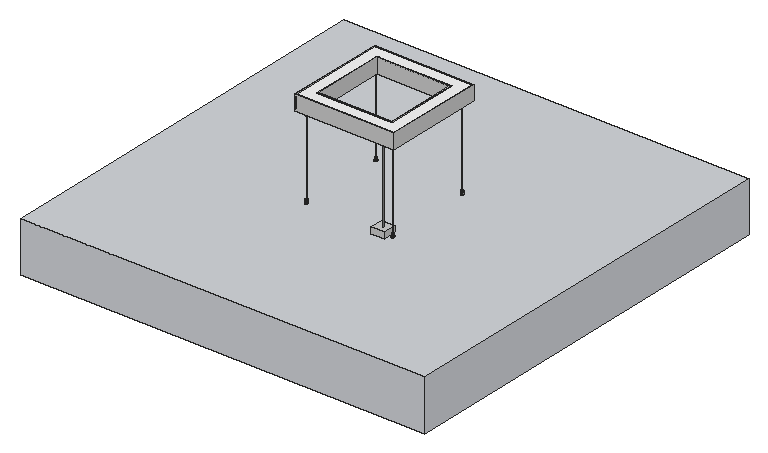
Revit family "en-halla-alumo-suspendedrfa", category Осветительные приборы, Revit 2017
Family settings
  Основа = Грань
  Размер круглого соединителя = Использовать диаметр
  Тип детали = Нормальный
  Номер OmniClass = 23.80.70.11.11
  Заголовок OmniClass = General Luminaries, Non Directional
  При загрузке вырезать с полостями = Нет
  Источник света = Нет
  Общий = Нет
  Точка расчета площади = Нет
Parameters
  Profile width = 79 mm  # constant formula
  Light surface width = Profile width - 8 mm  # 71 mm
  Shape thickness = 7 mm  # constant formula
  Полная установленная мощность = Power input  # 84 VA
  Youtube clip = ""
  Weight Net (Kg) = "0"
  Изготовитель = "HALLA"  # constant formula
  Default Elevation = 0 mm
  Voltage = ""
  Uniclass 2.0 Description = "Luminaires And Lamps"
  Uniclass 2.0 Code = "PR-49"
  Uniclass 1.4 Description = "Luminaires and lamps"
  Uniclass 1.4 Code = "JY73"
  URL = "www.halla.cz"
  UNSPSC Code = "3911"
  Technical description = ""
  Switched on [instance] = yes
  Switched off [instance] = not(Switched on)  # no
  Suspension height [instance] = 500 mm
  Source used = ""
  Source type = ""
  Shape of luminaire = ""
  Region South America = "All"
  Region Oceania = "All"
  Region North America = "All"
  Region Middle East = "All"
  Region Europe = "All"
  Region Asia = "All"
  Region Antarctica = "All"
  Region Africa = "All"
  Real suspension height [instance] = if(Suspension height > 2000 mm, 2000 mm, if(Suspension height < 36 mm, 36 mm, Suspension height))  # 500 mm
  QR code = "http://file-system.ru/catalog/zdaniya_i_sooruzheniya/interer/osveshchenie/halla_alumo_svetilnik/"
  Accessory [instance] = ALUMO accessory - wire suspension 2000mm, set of 4 pcs : 13-0001, B - black
  Protection class = ""
  Product group = "ALUMO"
  Product family = "Indoor Luminaires"
  Product data url = ""
  Product code = ""
  Product certification = ""
  Product URL = ""
  Product SKU = "alumo"
  Price (EUR) = 0
  Power input = 84 W
  Description = ""
  Optics type = ""
  Suspension distance X = Lighting width - Profile width  # 521 mm
  Suspension distance Y = Lighting length - Profile width  # 521 mm
  Number of sources = 4
  Nominal width = "0.00"
  Nominal height = "90.00"
  NBS Reference Description = "Luminaires And Lamps"
  NBS Reference Code = "49"
  Material secondary = ""
  Material of luminaire = "Hliník"
  Material main = "Aluminium"
  Manufacturer name = "HALLA"
  Manufacturer country = "Czech Republic"
  Lighting width = 600 mm
  Lighting source distance [instance] = Real suspension height + Lighting height + 0.1 mm  # 590.1 mm
  Lighting length = 600 mm
  Lighting height = 90 mm
  Lighting dimensions = ""
  LED source = yes
  Installation instructions = ""
  Installation instruction = ""
  Initial intensity = ""
  Initial colour = ""
  IP Code = ""
  IFC Classification = "Light Fixture"
  Frequency = ""
  Energy class = ""
  Electric potential = 230 V  # constant formula
  Код по классификатору = "D5020200"
  Edition number = "1"
  EAN code = ""
  EAN = ""
  Lighting surface length = Lighting length - 8 mm  # 592 mm
  Distribution = ""
  Designer = ""
  Design country = "Czech Republic"
  Depth = "0.00"
  Date of publishing = "2014-12-13"
  Data sheet = ""
  Control gear option = ""
  Colour of luminaire = Aluminium - silver
  COBIe Type Category = ""
Reference planes
  plane 1 "Střed (vpředu/vzadu)": y = 0
  plane 2: z = 0
  plane 3 "Střed (vlevo/vpravo)": x = 0
  plane 4 "BP_Světlo spodní": z = 500
  plane 5 "BP_Světlo horní": z = 590
  plane 6 "Levá": x = -300
  plane 7 "Pravá": x = 300
  plane 8 "BP_Zdroj světla": z = 545
  plane 9 "Zadní": y = 300
  plane 10 "Přední": y = -300
  plane 11: x = -221
  plane 12: y = -221
  plane 13: x = 221
  plane 14: y = 221
Forms (mm)
  Extrusion 1, solid
    sketch origin (0, 0, 0) x (1, 0, 0) y (0, 1, 0)
      loop
        line (-1219.2, 1219.2) -> (-1219.2, -1219.2) -> (1219.2, -1219.2) -> (1219.2, 1219.2) -> (-1219.2, 1219.2)
    from 0 to -304.8
  Sweep 2, solid, material "Aluminium - silver" <- "Colour of luminaire"
    path origin (0, 0, 500) x (-1, 0, 0) y (0, -1, 0)
      loop
        line (300, -300) -> (300, 300) -> (-300, 300) -> (-300, -300) -> (300, -300)
    profile origin (-300, 0, 500) x (1, 0, 0) y (0, 0, 1)
      loop
        line (0, 0) -> (79, 0) -> (79, 90) -> (75, 90) -> (75, 10) -> (4, 10) -> (4, 90) -> (0, 90) -> (0, 0)
  Sweep 3, solid, material "Diffuser - light switched on", visible <- "Switched off"
    path in 3D
      loop
        line (296, 296, 590) -> (-296, 296, 590) -> (-296, -296, 590) -> (296, -296, 590) -> (296, 296, 590)
    profile origin (296, 0, 590) x (-1, 0, 0) y (0, 0, 1)
      loop
        line (0, 0) -> (0, -4) -> (71, -4) -> (71, 0) -> (0, 0)
  Sweep 4, solid, material "Diffuser - light switched off", visible <- "Switched on"
    path in 3D
      loop
        line (300, 300, 590) -> (-300, 300, 590) -> (-300, -300, 590) -> (300, -300, 590) -> (300, 300, 590)
    profile origin (300, 0, 590) x (-1, 0, 0) y (0, 0, 1)
      loop
        line (4, 0) -> (4, -4) -> (75, -4) -> (75, 0) -> (4, 0)
Lines and regions (mm)
  sketch lines
    curve 1: line (296, -296, 590) -> (296, 296, 590)
    curve 2: line (-296, -296, 590) -> (296, -296, 590)
    curve 3: line (296, 296, 590) -> (-296, 296, 590)
    curve 4: line (-296, 296, 590) -> (-296, -296, 590)
    curve 5: line (300, -300, 590) -> (300, 300, 590)
    curve 6: line (-300, -300, 590) -> (300, -300, 590)
    curve 7: line (300, 300, 590) -> (-300, 300, 590)
    curve 8: line (-300, 300, 590) -> (-300, -300, 590)
Dimensions and locks
  equal spacing: plane 6 "Levá", plane 3 "Střed (vlevo/vpravo)", plane 7 "Pravá"
  "Lighting length": plane 6 "Levá" to plane 7 "Pravá"
  "Lighting width": plane 9 "Zadní" to plane 10 "Přední"
  equal spacing: plane 9 "Zadní", plane 1 "Střed (vpředu/vzadu)", plane 10 "Přední"
  equal spacing: plane 5 "BP_Světlo horní", plane 8 "BP_Zdroj světla", plane 4 "BP_Světlo spodní"
  "Real suspension height": plane 4 "BP_Světlo spodní" to Extrusion 1
  "Lighting height": plane 5 "BP_Světlo horní" to plane 4 "BP_Světlo spodní"
  "Profile width": plane 9 "Zadní" to plane 14
  "Profile width": plane 12 to plane 10 "Přední"
  "Profile width": plane 6 "Levá" to plane 11
  "Profile width": plane 13 to plane 7 "Pravá"
  equal spacing: plane 6 "Levá", nested 3, plane 11, locked at 39.5 each
  equal spacing: plane 13, nested 5, plane 7 "Pravá", locked at 39.5 each
  equal spacing: plane 9 "Zadní", nested 1, plane 14, locked at 39.5 each
  equal spacing: plane 12, nested 2, plane 10 "Přední", locked at 39.5 each
  locked: plane 5 "BP_Světlo horní" to Sweep 4 sketch curve at 4
  aligned and locked: plane 2 to Extrusion 1
  aligned and locked: level to Extrusion 1
  aligned and locked: curve 5 to plane 7 "Pravá"
  aligned and locked: plane 9 "Zadní" to curve 7
  aligned and locked: curve 8 to plane 6 "Levá"
  aligned and locked: curve 6 to plane 10 "Přední"
  aligned and locked: plane 1 "Střed (vpředu/vzadu)" to nested 3
  aligned and locked: plane 1 "Střed (vpředu/vzadu)" to nested 5
  aligned and locked: nested 1 to plane 3 "Střed (vlevo/vpravo)"
  aligned and locked: nested 2 to plane 3 "Střed (vlevo/vpravo)"
  aligned and locked: plane 5 "BP_Světlo horní" to Sweep 4 sketch curve
Automatic sketch dimensions
  Extrusion 1 sketch curve to Extrusion 1 sketch curve = 2438.4 mm  (x2)
  Sweep 2 sketch curve to plane 7 "Pravá" = 0 mm
  Sweep 2 sketch curve to plane 6 "Levá" = 0 mm
  Sweep 2 sketch curve to plane 9 "Zadní" = 0 mm
  Sweep 2 sketch curve to plane 10 "Přední" = 0 mm
  profile plane to Sweep 2 sketch curve = 0 mm
  Sweep 2 sketch curve to plane 4 "BP_Světlo spodní" = 0 mm
  Sweep 2 sketch curve to Sweep 2 sketch curve = 4 mm  (x2)
  Sweep 2 sketch curve to Sweep 2 sketch curve = 71 mm
  Sweep 2 sketch curve to Sweep 2 sketch curve = 90 mm
  Sweep 2 sketch curve to Sweep 2 sketch curve = 0 mm
  plane 4 "BP_Světlo spodní" to Sweep 2 sketch curve = 10 mm
  Sweep 3 sketch curve to profile plane = 0 mm  (x2)
  Sweep 3 sketch curve to profile plane = 4 mm
  Sweep 3 sketch curve to profile plane = 71 mm
  Sweep 4 sketch curve to profile plane = 4 mm
  Sweep 4 sketch curve to Sweep 4 sketch curve = 71 mm
Nested families
  nested 1: "ALUMO - source" at (0, 260.5, 590.1) x (0, -1, 0) z (0, 0, 1), built-in parameter 1001364 <- "Lighting source distance", type "ALUMO - source"
  nested 2: "ALUMO - source" at (0, -260.5, 590.1) x (0, -1, 0) z (0, 0, 1), built-in parameter 1001364 <- "Lighting source distance", type "ALUMO - source"
  nested 3: "ALUMO - source" at (-260.5, 0, 590.1), built-in parameter 1001364 <- "Lighting source distance", type "ALUMO - source"
  nested 4: "ALUMO accessory - wire suspension 2000mm, set of 4 pcs" at (-260.5, 260.5, 0), Odsazení zavěšení od osy Y <- "Suspension distance Y", Odsazení zavěšení od osy X <- "Suspension distance X", Délka zavěšení <- "Real suspension height", type "13-0001, S - silver", detail levels fine
    with Odsazení zavěšení od osy Y 521 mm, Odsazení zavěšení od osy X 521 mm, Délka zavěšení 500 mm
  nested 5: "ALUMO - source" at (260.5, 0, 590.1), built-in parameter 1001364 <- "Lighting source distance", type "ALUMO - source"
Connectors
  electrical at (0, 0, 0), driven by "Полная установленная мощность", driven by "Electric potential", driven by "Полная установленная мощность"
    settings: index 1, voltage 230 V, apparent load 84 VA, apparent load phase1 84 VA, apparent load phase2 0 VA, apparent load phase3 0 VA, power factor 1, load classification "Osvětlení", number of poles 1, system type 30, power factor state 0, is connector primary yes, connector utility no, sub classification motor no, connector description ""
Definition of nested family "ALUMO accessory - wire suspension 2000mm, set of 4 pcs"
  Parameters
    Manufacturer = "HALLA"  # constant formula
    Default Elevation = 0 mm
    URL = "http.//www.halla.cz"
    Description = ""
    Odsazení zavěšení od osy Y [instance] = 600 mm
    Odsazení zavěšení od osy X [instance] = 600 mm
    Model = ""
    Assembly Code = "D5020200"
    Keynote = ""
    Délka zavěšení [instance] = 600 mm
    Barva svítidla = none
  Reference planes
    plane 1 "Střed (vpředu/vzadu)": y = 0
    plane 2: z = 0
    plane 3 "Střed (vlevo/vpravo)": x = 0
    plane 4: z = 600
    plane 5: x = 300
    plane 6: y = -300
    plane 7: x = 600
    plane 8: y = -600
    plane 9: x = 540
  Forms (mm)
    Extrusion 1, solid
      sketch origin (100, 0, 0) x (1, 0, 0) y (0, 1, 0)
        loop
          circle (-100, 0) r 0.991
      from 0 to 600 <- "Délka zavěšení"
    Revolve 2, solid, material <- "Barva svítidla"
      sketch origin (-300, 0, 0) x (1, 0, 0) y (0, 0, 1)
        loop
          line (300, 568.8) -> (300, 600) -> (295.494, 600) -> (295.494, 575.5) -> (298, 575.5) -> (298, 568.8) -> (300, 568.8)
        axis (300, 600) -> (300, 568.8)
      angle from 0 to 360
    Revolve 3, solid, material <- "Barva svítidla"
      sketch origin (100, 0, 0) x (1, 0, 0) y (0, 0, 1)
        loop
          line (-100, 0) -> (-100, 19.35) -> (-105.985, 19.35) -> (-105.985, 1.35) -> (-107.922, 1.35) -> (-107.922, 0) -> (-100, 0)
        axis (-100, 19.35) -> (-100, 0)
      angle from 0 to 360
    Extrusion 4, solid
      sketch origin (700, 0, 0) x (1, 0, 0) y (0, 1, 0)
        loop
          circle (-100, 0) r 0.991
      from 0 to 600 <- "Délka zavěšení"
    Revolve 5, solid, material <- "Barva svítidla"
      sketch origin (300, 0, 0) x (1, 0, 0) y (0, 0, 1)
        loop
          line (300, 568.8) -> (300, 600) -> (295.494, 600) -> (295.494, 575.5) -> (298, 575.5) -> (298, 568.8) -> (300, 568.8)
        axis (300, 600) -> (300, 568.8)
      angle from 0 to 360
    Revolve 6, solid, material <- "Barva svítidla"
      sketch origin (700, 0, 0) x (1, 0, 0) y (0, 0, 1)
        loop
          line (-100, 0) -> (-100, 19.35) -> (-105.985, 19.35) -> (-105.985, 1.35) -> (-107.922, 1.35) -> (-107.922, 0) -> (-100, 0)
        axis (-100, 19.35) -> (-100, 0)
      angle from 0 to 360
    Revolve 7, solid, material <- "Barva svítidla"
      sketch origin (0, 0, 0) x (0, 1, 0) y (0, 0, 1)
        loop
          line (-600, 19.35) -> (-600, 0) -> (-592.108, 0) -> (-592.108, 1.35) -> (-594.015, 1.35) -> (-594.015, 19.35) -> (-600, 19.35)
        axis (-600, 0) -> (-600, 19.35)
      angle from 0 to 360
    Revolve 8, solid, material <- "Barva svítidla"
      sketch origin (0, 0, 0) x (0, 1, 0) y (0, 0, 1)
        loop
          line (-600, 600) -> (-600, 568.8) -> (-598, 568.8) -> (-598, 575.5) -> (-595.494, 575.5) -> (-595.494, 600) -> (-600, 600)
        axis (-600, 568.8) -> (-600, 600)
      angle from 0 to 360
    Extrusion 9, solid
      sketch origin (0, 0, 0) x (1, 0, 0) y (0, 1, 0)
        loop
          circle (0, -600) r 1.018
      from 0 to 600 <- "Délka zavěšení"
    Revolve 10, solid, not visible
      sketch origin (0, 0, 0) x (0, 1, 0) y (0, 0, 1)
        loop
          line (-600, 19.35) -> (-600, 0) -> (-592.108, 0) -> (-592.108, 1.35) -> (-594.015, 1.35) -> (-594.015, 19.35) -> (-600, 19.35)
        axis (-600, 0) -> (-600, 19.35)
      angle from 0 to 360
    Revolve 11, solid, not visible
      sketch origin (0, 0, 0) x (0, 1, 0) y (0, 0, 1)
        loop
          line (-600, 600) -> (-600, 568.8) -> (-598, 568.8) -> (-598, 575.5) -> (-595.494, 575.5) -> (-595.494, 600) -> (-600, 600)
        axis (-600, 568.8) -> (-600, 600)
      angle from 0 to 360
    Extrusion 12, solid, not visible
      sketch origin (0, 0, 0) x (1, 0, 0) y (0, 1, 0)
        loop
          circle (0, -600) r 1.018
      from 0 to 600 <- "Délka zavěšení"
    Revolve 13, solid, material <- "Barva svítidla"
      sketch origin (600, 272.021, 1200) x (0, 1, 0) y (0, 0, 1)
        loop
          line (-872.021, -1180.65) -> (-872.021, -1200) -> (-864.129, -1200) -> (-864.129, -1198.65) -> (-866.036, -1198.65) -> (-866.036, -1180.65) -> (-872.021, -1180.65)
        axis (-872.021, -1200) -> (-872.021, -1180.65)
      angle from 0 to 360
    Revolve 14, solid, material <- "Barva svítidla"
      sketch origin (600, 272.021, 1200) x (0, 1, 0) y (0, 0, 1)
        loop
          line (-872.021, -600) -> (-872.021, -631.2) -> (-870.021, -631.2) -> (-870.021, -624.5) -> (-867.515, -624.5) -> (-867.515, -600) -> (-872.021, -600)
        axis (-872.021, -631.2) -> (-872.021, -600)
      angle from 0 to 360
    Extrusion 15, solid
      sketch origin (300, 0, 0) x (1, 0, 0) y (0, 1, 0)
        loop
          circle (300, -600) r 1.018
      from 0 to 600 <- "Délka zavěšení"
    Extrusion 16, solid, material <- "Barva svítidla"
      sketch origin (240, -300, 0) x (1, 0, 0) y (0, 1, 0)
        loop
          line (341.5, -260) -> (258.5, -260) -> (258.5, -340) -> (341.5, -340) -> (341.5, -260)
      from 0 to 35
    Sweep 17, solid
      path in 3D
        loop
          line (540, -600, 0) -> (540, -600, 600)
      profile origin (540, -600, 300) x (0, -1, 0) y (1, 0, 0)
        loop
          circle (0, 0) r 1.988
  Lines and regions (mm)
    reference lines
      curve 1: line (540, -600, 0) -> (540, -600, 600)
    sketch lines
      curve 2: line (540, -600, 0) -> (540, -600, 600)
  Dimensions and locks
    "Délka zavěšení": plane 4 to level
    plane 5 to plane 3 "Střed (vlevo/vpravo)" = 300 mm
    equal spacing: plane 3 "Střed (vlevo/vpravo)", plane 5, plane 7
    equal spacing: plane 8, plane 6, plane 1 "Střed (vpředu/vzadu)"
    "Odsazení zavěšení od osy X": plane 8 to plane 1 "Střed (vpředu/vzadu)"
    "Odsazení zavěšení od osy Y": plane 3 "Střed (vlevo/vpravo)" to plane 7
    locked: plane 9 to plane 7 at 60
    equal spacing: Extrusion 16, plane 8, Extrusion 16
    locked: Extrusion 16 to Extrusion 16 at 80
    aligned and locked: level to plane 2
    aligned and locked: plane 4 to curve 1
    aligned and locked: plane 2 to curve 1
  Automatic sketch dimensions
    Revolve 11 sketch curve to Revolve 11 sketch curve = 4.506 mm
    Revolve 11 sketch curve to Revolve 11 sketch curve = 6.7 mm
    Revolve 10 sketch curve to Revolve 10 sketch curve = 1.906 mm
    Revolve 10 sketch curve to Revolve 10 sketch curve = 18 mm
    Revolve 10 sketch curve to Revolve 10 sketch curve = 5.985 mm
    Revolve 10 sketch curve to Revolve 10 sketch curve = 1.35 mm
    Revolve 10 sketch curve to Revolve 10 sketch curve = 0 mm
    Revolve 10 sketch curve to Revolve 10 sketch curve = 304.8 mm
    Revolve 10 sketch curve to Revolve 10 sketch curve = 2419.05 mm
    Revolve 11 sketch curve to Revolve 11 sketch curve = 2.506 mm
    Revolve 11 sketch curve to Revolve 11 sketch curve = 24.5 mm
    Revolve 11 sketch curve to Revolve 11 sketch curve = 0 mm
    Revolve 11 sketch curve to Revolve 11 sketch curve = 873.6 mm
    Revolve 11 sketch curve to Revolve 11 sketch curve = 1838.4 mm
    plane 1 "Střed (vpředu/vzadu)" to Extrusion 1 sketch curve = 0 mm
    Extrusion 1 sketch curve to plane 3 "Střed (vlevo/vpravo)" = 0 mm
    Revolve 2 sketch curve to plane 4 = 0 mm
    Revolve 2 sketch curve to plane 3 "Střed (vlevo/vpravo)" = 0 mm  (x2)
    Revolve 2 sketch curve to plane 3 "Střed (vlevo/vpravo)" = 2 mm
    Revolve 2 sketch curve to Revolve 2 sketch curve = 4.506 mm
    Revolve 2 sketch curve to plane 4 = 24.5 mm
    Revolve 2 sketch curve to Revolve 2 sketch curve = 6.7 mm
    Revolve 2 sketch curve to level = 151.582 mm
    Revolve 2 sketch curve to Revolve 2 sketch curve = 388.304 mm
    Revolve 3 sketch curve to level = 0 mm
    Revolve 3 sketch curve to plane 3 "Střed (vlevo/vpravo)" = 0 mm  (x2)
    Revolve 3 sketch curve to Revolve 3 sketch curve = 5.985 mm
    Revolve 3 sketch curve to Revolve 3 sketch curve = 1.937 mm
    level to Revolve 3 sketch curve = 1.35 mm
    Revolve 3 sketch curve to Revolve 3 sketch curve = 18 mm
    Revolve 3 sketch curve to Revolve 3 sketch curve = 198.421 mm
    plane 4 to Revolve 3 sketch curve = 388.304 mm
    plane 1 "Střed (vpředu/vzadu)" to Extrusion 4 sketch curve = 0 mm
    Extrusion 4 sketch curve to plane 7 = 0 mm
    Revolve 5 sketch curve to plane 4 = 0 mm
    Revolve 5 sketch curve to plane 7 = 0 mm  (x2)
    Revolve 5 sketch curve to plane 7 = 2 mm
    Revolve 5 sketch curve to Revolve 5 sketch curve = 4.506 mm
    Revolve 5 sketch curve to plane 4 = 24.5 mm
    Revolve 5 sketch curve to Revolve 5 sketch curve = 6.7 mm
    Revolve 5 sketch curve to level = 151.582 mm
    Revolve 5 sketch curve to Revolve 5 sketch curve = 388.304 mm
    Revolve 6 sketch curve to level = 0 mm
    Revolve 6 sketch curve to plane 7 = 0 mm  (x2)
    Revolve 6 sketch curve to Revolve 6 sketch curve = 5.985 mm
    Revolve 6 sketch curve to Revolve 6 sketch curve = 1.937 mm
    level to Revolve 6 sketch curve = 1.35 mm
    Revolve 6 sketch curve to Revolve 6 sketch curve = 18 mm
    Revolve 6 sketch curve to level = 198.421 mm
    plane 4 to Revolve 6 sketch curve = 388.304 mm
    Revolve 7 sketch curve to plane 8 = 0 mm  (x2)
    Revolve 7 sketch curve to level = 0 mm
    Revolve 7 sketch curve to Revolve 7 sketch curve = 5.985 mm
    Revolve 7 sketch curve to Revolve 7 sketch curve = 1.906 mm
    level to Revolve 7 sketch curve = 1.35 mm
    Revolve 7 sketch curve to Revolve 7 sketch curve = 18 mm
    Revolve 7 sketch curve to Revolve 7 sketch curve = 304.8 mm
    plane 4 to Revolve 7 sketch curve = 1838.4 mm
    Revolve 8 sketch curve to plane 4 = 0 mm
    Revolve 8 sketch curve to plane 8 = 0 mm  (x2)
    plane 8 to Revolve 8 sketch curve = 2 mm
    Revolve 8 sketch curve to Revolve 8 sketch curve = 4.506 mm
    Revolve 8 sketch curve to plane 4 = 24.5 mm
    Revolve 8 sketch curve to Revolve 8 sketch curve = 6.7 mm
    Revolve 8 sketch curve to level = 304.8 mm
    Revolve 8 sketch curve to Revolve 8 sketch curve = 1838.4 mm
    Extrusion 9 sketch curve to plane 3 "Střed (vlevo/vpravo)" = 0 mm
    Extrusion 9 sketch curve to plane 8 = 0 mm
    Extrusion 15 sketch curve to plane 7 = 0 mm
    Extrusion 15 sketch curve to plane 8 = 0 mm
    Revolve 14 sketch curve to plane 4 = 0 mm
    Revolve 14 sketch curve to plane 8 = 0 mm  (x2)
    plane 8 to Revolve 14 sketch curve = 2 mm
    Revolve 14 sketch curve to Revolve 14 sketch curve = 4.506 mm
    Revolve 14 sketch curve to plane 4 = 24.5 mm
    Revolve 14 sketch curve to Revolve 14 sketch curve = 6.7 mm
    Revolve 14 sketch curve to level = 304.8 mm
    Revolve 14 sketch curve to Revolve 14 sketch curve = 1838.4 mm
    Revolve 13 sketch curve to plane 8 = 0 mm  (x2)
    Revolve 13 sketch curve to level = 0 mm
    Revolve 13 sketch curve to Revolve 13 sketch curve = 5.985 mm
    Revolve 13 sketch curve to Revolve 13 sketch curve = 1.906 mm
    level to Revolve 13 sketch curve = 1.35 mm
    Revolve 13 sketch curve to Revolve 13 sketch curve = 18 mm
    Revolve 13 sketch curve to Revolve 13 sketch curve = 304.8 mm
    plane 4 to Revolve 13 sketch curve = 1838.4 mm
    plane 8 to Extrusion 16 sketch curve = 40 mm
    Extrusion 16 sketch curve to plane 7 = 101.5 mm
    Extrusion 16 sketch curve to plane 7 = 18.5 mm
    Extrusion 16 sketch curve to plane 8 = 40 mm
    curve 1 to plane 4 = 0 mm
    curve 1 to plane 8 = 0 mm
    curve 1 to level = 0 mm
    Sweep 17 sketch curve to profile plane = 0 mm  (x2)
    radius of Extrusion 12 sketch curve = 1.018 mm
    radius of Extrusion 1 sketch curve = 0.991 mm
    radius of Extrusion 4 sketch curve = 0.991 mm
    radius of Extrusion 9 sketch curve = 1.018 mm
    radius of Extrusion 15 sketch curve = 1.018 mm
    radius of Sweep 17 sketch curve = 1.988 mm
Definition of nested family "ALUMO - source"
  Parameters
    built-in parameter 1150104 = 13.8 (stored number, unit not read)
    Tilt Angle = -90.00°
    built-in parameter 1150112 = 1 (stored number, unit not read)
    built-in parameter 1114218 = 1 (stored number, unit not read)
    built-in parameter 1150109 = 1 (stored number, unit not read)
    built-in parameter 1150110 = 1 (stored number, unit not read)
    built-in parameter 1150133 = 10 (stored number, unit not read)
    built-in parameter 1150134 = 12
    Lumens = 3040 lm
    Photometric Web File = "ALUMO.ies"
    Wattage = 20.4656 W
    built-in parameter 1150107 = 4000 (stored number, unit not read)
    built-in parameter 1150102 = (empty or 0)
    built-in parameter 1150138 = (empty or 0)
    Dimming Lamp Color Temperature Shift = (empty or 0)
    built-in parameter 1150114 = 1 (stored number, unit not read)
    built-in parameter 1150115 = 1 (stored number, unit not read)
    built-in parameter 1150106 = 2.4192 (stored number, unit not read)
    built-in parameter 1150137 = (empty or 0)
    built-in parameter 1150132 = 2
    built-in parameter 1150105 = 241.92 (stored number, unit not read)
    built-in parameter 1150139 = (empty or 0)
    built-in parameter 1150113 = 1 (stored number, unit not read)
    Emit from Rectangle Width = 892 mm
    Emit from Rectangle Length = 71 mm
    Emit Shape Visible in Rendering = yes
    built-in parameter 1114217 = 1 (stored number, unit not read)
    Color Filter = 16777215
  Reference planes
    plane 1 "Střed (vpředu/vzadu)": y = 0
    plane 2: z = 0
    plane 3 "Střed (vlevo/vpravo)": x = 0
  Lines and regions (mm)
    model lines, not visible
      curve 1: line (0, -25, 0) -> (0, 25, 0)
      curve 2: line (-25, 0, 0) -> (25, 0, 0)
  Dimensions and locks
    aligned and locked: level to plane 2
